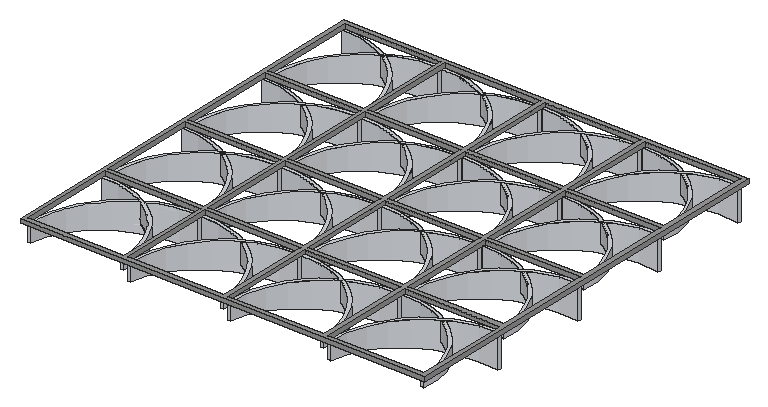
Revit family "Notched Grid 002", category Modelos genéricos, Revit 2020
Family settings
  Puede alojar armadura = No
  Cota de conector redondo = Diámetro de uso
  Tipo de pieza = Normal
  Se basa en plano de trabajo = No
  Siempre vertical = Sí
  Corte con vacíos al cargar = No
  Compartido = No
  Punto de cálculo de habitación = No
Parameters
  URL = "https://www.csiposhfelt.com/products/notched-grid-002"
  Modelo = "Notch Grid 002"
  Fabricante = "CSI PoshFelt"
  Elevación por defecto = 0' - 0"
  Core Material = PSH175
Reference planes (in)
  plane 1 "Center (Front/Back)": y = 0
  plane 2: z = 0
  plane 3 "Center (Left/Right)": x = 0
Forms (in)
  Extrusion 1, solid, material "Frame"
    sketch origin (0, 0, 0) x (1, 0, 0) y (0, 1, 0)
      loop
        line (-48, -48) -> (48, -48) -> (48, 48) -> (-48, 48) -> (-48, -48)
      loop
        line (-47, -47) -> (-24.25, -47) -> (-24.25, -24.25) -> (-47, -24.25) -> (-47, -47)
      loop
        line (-47, 47) -> (-47, 24.25) -> (-24.25, 24.25) -> (-24.25, 47) -> (-47, 47)
      loop
        line (47, 47) -> (24.25, 47) -> (24.25, 24.25) -> (47, 24.25) -> (47, 47)
      loop
        line (47, -47) -> (47, -24.25) -> (24.25, -24.25) -> (24.25, -47) -> (47, -47)
      loop
        line (-23.25, 47) -> (-23.25, 24.25) -> (-0.5, 24.25) -> (-0.5, 47) -> (-23.25, 47)
      loop
        line (0.5, 47) -> (0.5, 24.25) -> (23.25, 24.25) -> (23.25, 47) -> (0.5, 47)
      loop
        line (-0.5, -47) -> (-0.5, -24.25) -> (-23.25, -24.25) -> (-23.25, -47) -> (-0.5, -47)
      loop
        line (23.25, -47) -> (23.25, -24.25) -> (0.5, -24.25) -> (0.5, -47) -> (23.25, -47)
      loop
        line (47, 23.25) -> (24.25, 23.25) -> (24.25, 0.5) -> (47, 0.5) -> (47, 23.25)
      loop
        line (-47, 0.5) -> (-24.25, 0.5) -> (-24.25, 23.25) -> (-47, 23.25) -> (-47, 0.5)
      loop
        line (47, -0.5) -> (24.25, -0.5) -> (24.25, -23.25) -> (47, -23.25) -> (47, -0.5)
      loop
        line (-47, -23.25) -> (-24.25, -23.25) -> (-24.25, -0.5) -> (-47, -0.5) -> (-47, -23.25)
      loop
        line (23.25, 23.25) -> (0.5, 23.25) -> (0.5, 0.5) -> (23.25, 0.5) -> (23.25, 23.25)
      loop
        line (-0.5, 23.25) -> (-23.25, 23.25) -> (-23.25, 0.5) -> (-0.5, 0.5) -> (-0.5, 23.25)
      loop
        line (-23.25, -0.5) -> (-23.25, -23.25) -> (-0.5, -23.25) -> (-0.5, -0.5) -> (-23.25, -0.5)
      loop
        line (0.5, -0.5) -> (0.5, -23.25) -> (23.25, -23.25) -> (23.25, -0.5) -> (0.5, -0.5)
    from 0 to 1
  SweptBlend 2, solid
    path in 3D
      loop
        arc (-24.25, -24.25495, 0) -> (-40.50513, -30.74628, 0) -> (-47, -47, 0) r 22.19311
    profile origin (-24.25, -24.25495, 0) x (-0.02541, -0.999677, 0) y (0, 0, 1)
      loop
        line (0, 0) -> (0, -8) -> (0.75, -8) -> (0.75, 0) -> (0, 0)
    end profile origin (-47, -47, 0) x (0.999683, 0.025193, 0) y (0, 0, 1)
      loop
        line (0, 0) -> (0, -4) -> (0.75, -4) -> (0.75, 0) -> (0, 0)
  SweptBlend 3, solid
    path in 3D
      loop
        arc (-47, -24.25495, 0) -> (-30.74487, -30.74628, 0) -> (-24.25, -47, 0) r 22.19311
    profile origin (-47, -24.25495, 0) x (-0.02541, 0.999677, 0) y (0, 0, 1)
      loop
        line (0, 0) -> (-0.75, 0) -> (-0.75, -6) -> (0, -6) -> (0, 0)
    end profile origin (-24.25, -47, 0) x (0.999683, -0.025193, 0) y (0, 0, 1)
      loop
        line (0, 0) -> (-0.75, 0) -> (-0.75, -2) -> (0, -2) -> (0, 0)
  SweptBlend 4, solid
    path in 3D
      loop
        arc (-24.25, -0.50495, 0) -> (-40.50513, -6.99628, 0) -> (-47, -23.25, 0) r 22.19311
    profile origin (-24.25, -0.50495, 0) x (-0.02541, -0.999677, 0) y (0, 0, 1)
      loop
        line (0, 0) -> (0, -8) -> (0.75, -8) -> (0.75, 0) -> (0, 0)
    end profile origin (-47, -23.25, 0) x (0.999683, 0.025193, 0) y (0, 0, 1)
      loop
        line (0, 0) -> (0, -4) -> (0.75, -4) -> (0.75, 0) -> (0, 0)
  SweptBlend 5, solid
    path in 3D
      loop
        arc (-47, -0.50495, 0) -> (-30.74487, -6.99628, 0) -> (-24.25, -23.25, 0) r 22.19311
    profile origin (-47, -0.50495, 0) x (-0.02541, 0.999677, 0) y (0, 0, 1)
      loop
        line (0, 0) -> (-0.75, 0) -> (-0.75, -6) -> (0, -6) -> (0, 0)
    end profile origin (-24.25, -23.25, 0) x (0.999683, -0.025193, 0) y (0, 0, 1)
      loop
        line (0, 0) -> (-0.75, 0) -> (-0.75, -2) -> (0, -2) -> (0, 0)
  SweptBlend 6, solid
    path in 3D
      loop
        arc (-24.25, 23.24505, 0) -> (-40.50513, 16.75372, 0) -> (-47, 0.5, 0) r 22.19311
    profile origin (-24.25, 23.24505, 0) x (-0.02541, -0.999677, 0) y (0, 0, 1)
      loop
        line (0, 0) -> (0, -8) -> (0.75, -8) -> (0.75, 0) -> (0, 0)
    end profile origin (-47, 0.5, 0) x (0.999683, 0.025193, 0) y (0, 0, 1)
      loop
        line (0, 0) -> (0, -4) -> (0.75, -4) -> (0.75, 0) -> (0, 0)
  SweptBlend 7, solid
    path in 3D
      loop
        arc (-47, 23.24505, 0) -> (-30.74487, 16.75372, 0) -> (-24.25, 0.5, 0) r 22.19311
    profile origin (-47, 23.24505, 0) x (-0.02541, 0.999677, 0) y (0, 0, 1)
      loop
        line (0, 0) -> (-0.75, 0) -> (-0.75, -6) -> (0, -6) -> (0, 0)
    end profile origin (-24.25, 0.5, 0) x (0.999683, -0.025193, 0) y (0, 0, 1)
      loop
        line (0, 0) -> (-0.75, 0) -> (-0.75, -2) -> (0, -2) -> (0, 0)
  SweptBlend 8, solid
    path in 3D
      loop
        arc (-24.25, 46.99505, 0) -> (-40.50513, 40.50372, 0) -> (-47, 24.25, 0) r 22.19311
    profile origin (-24.25, 46.99505, 0) x (-0.02541, -0.999677, 0) y (0, 0, 1)
      loop
        line (0, 0) -> (0, -8) -> (0.75, -8) -> (0.75, 0) -> (0, 0)
    end profile origin (-47, 24.25, 0) x (0.999683, 0.025193, 0) y (0, 0, 1)
      loop
        line (0, 0) -> (0, -4) -> (0.75, -4) -> (0.75, 0) -> (0, 0)
  SweptBlend 9, solid
    path in 3D
      loop
        arc (-47, 46.99505, 0) -> (-30.74487, 40.50372, 0) -> (-24.25, 24.25, 0) r 22.19311
    profile origin (-47, 46.99505, 0) x (-0.02541, 0.999677, 0) y (0, 0, 1)
      loop
        line (0, 0) -> (-0.75, 0) -> (-0.75, -6) -> (0, -6) -> (0, 0)
    end profile origin (-24.25, 24.25, 0) x (0.999683, -0.025193, 0) y (0, 0, 1)
      loop
        line (0, 0) -> (-0.75, 0) -> (-0.75, -2) -> (0, -2) -> (0, 0)
  SweptBlend 10, solid
    path in 3D
      loop
        arc (-0.5, -24.25495, 0) -> (-16.75513, -30.74628, 0) -> (-23.25, -47, 0) r 22.19311
    profile origin (-0.5, -24.25495, 0) x (-0.02541, -0.999677, 0) y (0, 0, 1)
      loop
        line (0, 0) -> (0, -8) -> (0.75, -8) -> (0.75, 0) -> (0, 0)
    end profile origin (-23.25, -47, 0) x (0.999683, 0.025193, 0) y (0, 0, 1)
      loop
        line (0, 0) -> (0, -4) -> (0.75, -4) -> (0.75, 0) -> (0, 0)
  SweptBlend 11, solid
    path in 3D
      loop
        arc (-23.25, -24.25495, 0) -> (-6.99487, -30.74628, 0) -> (-0.5, -47, 0) r 22.19311
    profile origin (-23.25, -24.25495, 0) x (-0.02541, 0.999677, 0) y (0, 0, 1)
      loop
        line (0, 0) -> (-0.75, 0) -> (-0.75, -6) -> (0, -6) -> (0, 0)
    end profile origin (-0.5, -47, 0) x (0.999683, -0.025193, 0) y (0, 0, 1)
      loop
        line (0, 0) -> (-0.75, 0) -> (-0.75, -2) -> (0, -2) -> (0, 0)
  SweptBlend 12, solid
    path in 3D
      loop
        arc (-0.5, -0.50495, 0) -> (-16.75513, -6.99628, 0) -> (-23.25, -23.25, 0) r 22.19311
    profile origin (-0.5, -0.50495, 0) x (-0.02541, -0.999677, 0) y (0, 0, 1)
      loop
        line (0, 0) -> (0, -8) -> (0.75, -8) -> (0.75, 0) -> (0, 0)
    end profile origin (-23.25, -23.25, 0) x (0.999683, 0.025193, 0) y (0, 0, 1)
      loop
        line (0, 0) -> (0, -4) -> (0.75, -4) -> (0.75, 0) -> (0, 0)
  SweptBlend 13, solid
    path in 3D
      loop
        arc (-23.25, -0.50495, 0) -> (-6.99487, -6.99628, 0) -> (-0.5, -23.25, 0) r 22.19311
    profile origin (-23.25, -0.50495, 0) x (-0.02541, 0.999677, 0) y (0, 0, 1)
      loop
        line (0, 0) -> (-0.75, 0) -> (-0.75, -6) -> (0, -6) -> (0, 0)
    end profile origin (-0.5, -23.25, 0) x (0.999683, -0.025193, 0) y (0, 0, 1)
      loop
        line (0, 0) -> (-0.75, 0) -> (-0.75, -2) -> (0, -2) -> (0, 0)
  SweptBlend 14, solid
    path in 3D
      loop
        arc (-0.5, 23.24505, 0) -> (-16.75513, 16.75372, 0) -> (-23.25, 0.5, 0) r 22.19311
    profile origin (-0.5, 23.24505, 0) x (-0.02541, -0.999677, 0) y (0, 0, 1)
      loop
        line (0, 0) -> (0, -8) -> (0.75, -8) -> (0.75, 0) -> (0, 0)
    end profile origin (-23.25, 0.5, 0) x (0.999683, 0.025193, 0) y (0, 0, 1)
      loop
        line (0, 0) -> (0, -4) -> (0.75, -4) -> (0.75, 0) -> (0, 0)
  SweptBlend 15, solid
    path in 3D
      loop
        arc (-23.25, 23.24505, 0) -> (-6.99487, 16.75372, 0) -> (-0.5, 0.5, 0) r 22.19311
    profile origin (-23.25, 23.24505, 0) x (-0.02541, 0.999677, 0) y (0, 0, 1)
      loop
        line (0, 0) -> (-0.75, 0) -> (-0.75, -6) -> (0, -6) -> (0, 0)
    end profile origin (-0.5, 0.5, 0) x (0.999683, -0.025193, 0) y (0, 0, 1)
      loop
        line (0, 0) -> (-0.75, 0) -> (-0.75, -2) -> (0, -2) -> (0, 0)
  SweptBlend 16, solid
    path in 3D
      loop
        arc (-0.5, 46.99505, 0) -> (-16.75513, 40.50372, 0) -> (-23.25, 24.25, 0) r 22.19311
    profile origin (-0.5, 46.99505, 0) x (-0.02541, -0.999677, 0) y (0, 0, 1)
      loop
        line (0, 0) -> (0, -8) -> (0.75, -8) -> (0.75, 0) -> (0, 0)
    end profile origin (-23.25, 24.25, 0) x (0.999683, 0.025193, 0) y (0, 0, 1)
      loop
        line (0, 0) -> (0, -4) -> (0.75, -4) -> (0.75, 0) -> (0, 0)
  SweptBlend 17, solid
    path in 3D
      loop
        arc (-23.25, 46.99505, 0) -> (-6.99487, 40.50372, 0) -> (-0.5, 24.25, 0) r 22.19311
    profile origin (-23.25, 46.99505, 0) x (-0.02541, 0.999677, 0) y (0, 0, 1)
      loop
        line (0, 0) -> (-0.75, 0) -> (-0.75, -6) -> (0, -6) -> (0, 0)
    end profile origin (-0.5, 24.25, 0) x (0.999683, -0.025193, 0) y (0, 0, 1)
      loop
        line (0, 0) -> (-0.75, 0) -> (-0.75, -2) -> (0, -2) -> (0, 0)
  SweptBlend 18, solid
    path in 3D
      loop
        arc (23.25, -24.25495, 0) -> (6.99487, -30.74628, 0) -> (0.5, -47, 0) r 22.19311
    profile origin (23.25, -24.25495, 0) x (-0.02541, -0.999677, 0) y (0, 0, 1)
      loop
        line (0, 0) -> (0, -8) -> (0.75, -8) -> (0.75, 0) -> (0, 0)
    end profile origin (0.5, -47, 0) x (0.999683, 0.025193, 0) y (0, 0, 1)
      loop
        line (0, 0) -> (0, -4) -> (0.75, -4) -> (0.75, 0) -> (0, 0)
  SweptBlend 19, solid
    path in 3D
      loop
        arc (0.5, -24.25495, 0) -> (16.75513, -30.74628, 0) -> (23.25, -47, 0) r 22.19311
    profile origin (0.5, -24.25495, 0) x (-0.02541, 0.999677, 0) y (0, 0, 1)
      loop
        line (0, 0) -> (-0.75, 0) -> (-0.75, -6) -> (0, -6) -> (0, 0)
    end profile origin (23.25, -47, 0) x (0.999683, -0.025193, 0) y (0, 0, 1)
      loop
        line (0, 0) -> (-0.75, 0) -> (-0.75, -2) -> (0, -2) -> (0, 0)
  SweptBlend 20, solid
    path in 3D
      loop
        arc (23.25, -0.50495, 0) -> (6.99487, -6.99628, 0) -> (0.5, -23.25, 0) r 22.19311
    profile origin (23.25, -0.50495, 0) x (-0.02541, -0.999677, 0) y (0, 0, 1)
      loop
        line (0, 0) -> (0, -8) -> (0.75, -8) -> (0.75, 0) -> (0, 0)
    end profile origin (0.5, -23.25, 0) x (0.999683, 0.025193, 0) y (0, 0, 1)
      loop
        line (0, 0) -> (0, -4) -> (0.75, -4) -> (0.75, 0) -> (0, 0)
  SweptBlend 21, solid
    path in 3D
      loop
        arc (0.5, -0.50495, 0) -> (16.75513, -6.99628, 0) -> (23.25, -23.25, 0) r 22.19311
    profile origin (0.5, -0.50495, 0) x (-0.02541, 0.999677, 0) y (0, 0, 1)
      loop
        line (0, 0) -> (-0.75, 0) -> (-0.75, -6) -> (0, -6) -> (0, 0)
    end profile origin (23.25, -23.25, 0) x (0.999683, -0.025193, 0) y (0, 0, 1)
      loop
        line (0, 0) -> (-0.75, 0) -> (-0.75, -2) -> (0, -2) -> (0, 0)
  SweptBlend 22, solid
    path in 3D
      loop
        arc (23.25, 23.24505, 0) -> (6.99487, 16.75372, 0) -> (0.5, 0.5, 0) r 22.19311
    profile origin (23.25, 23.24505, 0) x (-0.02541, -0.999677, 0) y (0, 0, 1)
      loop
        line (0, 0) -> (0, -8) -> (0.75, -8) -> (0.75, 0) -> (0, 0)
    end profile origin (0.5, 0.5, 0) x (0.999683, 0.025193, 0) y (0, 0, 1)
      loop
        line (0, 0) -> (0, -4) -> (0.75, -4) -> (0.75, 0) -> (0, 0)
  SweptBlend 23, solid
    path in 3D
      loop
        arc (0.5, 23.24505, 0) -> (16.75513, 16.75372, 0) -> (23.25, 0.5, 0) r 22.19311
    profile origin (0.5, 23.24505, 0) x (-0.02541, 0.999677, 0) y (0, 0, 1)
      loop
        line (0, 0) -> (-0.75, 0) -> (-0.75, -6) -> (0, -6) -> (0, 0)
    end profile origin (23.25, 0.5, 0) x (0.999683, -0.025193, 0) y (0, 0, 1)
      loop
        line (0, 0) -> (-0.75, 0) -> (-0.75, -2) -> (0, -2) -> (0, 0)
  SweptBlend 24, solid
    path in 3D
      loop
        arc (23.25, 46.99505, 0) -> (6.99487, 40.50372, 0) -> (0.5, 24.25, 0) r 22.19311
    profile origin (23.25, 46.99505, 0) x (-0.02541, -0.999677, 0) y (0, 0, 1)
      loop
        line (0, 0) -> (0, -8) -> (0.75, -8) -> (0.75, 0) -> (0, 0)
    end profile origin (0.5, 24.25, 0) x (0.999683, 0.025193, 0) y (0, 0, 1)
      loop
        line (0, 0) -> (0, -4) -> (0.75, -4) -> (0.75, 0) -> (0, 0)
  SweptBlend 25, solid
    path in 3D
      loop
        arc (0.5, 46.99505, 0) -> (16.75513, 40.50372, 0) -> (23.25, 24.25, 0) r 22.19311
    profile origin (0.5, 46.99505, 0) x (-0.02541, 0.999677, 0) y (0, 0, 1)
      loop
        line (0, 0) -> (-0.75, 0) -> (-0.75, -6) -> (0, -6) -> (0, 0)
    end profile origin (23.25, 24.25, 0) x (0.999683, -0.025193, 0) y (0, 0, 1)
      loop
        line (0, 0) -> (-0.75, 0) -> (-0.75, -2) -> (0, -2) -> (0, 0)
  SweptBlend 26, solid
    path in 3D
      loop
        arc (47, -24.25495, 0) -> (30.74487, -30.74628, 0) -> (24.25, -47, 0) r 22.19311
    profile origin (47, -24.25495, 0) x (-0.02541, -0.999677, 0) y (0, 0, 1)
      loop
        line (0, 0) -> (0, -8) -> (0.75, -8) -> (0.75, 0) -> (0, 0)
    end profile origin (24.25, -47, 0) x (0.999683, 0.025193, 0) y (0, 0, 1)
      loop
        line (0, 0) -> (0, -4) -> (0.75, -4) -> (0.75, 0) -> (0, 0)
  SweptBlend 27, solid
    path in 3D
      loop
        arc (24.25, -24.25495, 0) -> (40.50513, -30.74628, 0) -> (47, -47, 0) r 22.19311
    profile origin (24.25, -24.25495, 0) x (-0.02541, 0.999677, 0) y (0, 0, 1)
      loop
        line (0, 0) -> (-0.75, 0) -> (-0.75, -6) -> (0, -6) -> (0, 0)
    end profile origin (47, -47, 0) x (0.999683, -0.025193, 0) y (0, 0, 1)
      loop
        line (0, 0) -> (-0.75, 0) -> (-0.75, -2) -> (0, -2) -> (0, 0)
  SweptBlend 28, solid
    path in 3D
      loop
        arc (47, -0.50495, 0) -> (30.74487, -6.99628, 0) -> (24.25, -23.25, 0) r 22.19311
    profile origin (47, -0.50495, 0) x (-0.02541, -0.999677, 0) y (0, 0, 1)
      loop
        line (0, 0) -> (0, -8) -> (0.75, -8) -> (0.75, 0) -> (0, 0)
    end profile origin (24.25, -23.25, 0) x (0.999683, 0.025193, 0) y (0, 0, 1)
      loop
        line (0, 0) -> (0, -4) -> (0.75, -4) -> (0.75, 0) -> (0, 0)
  SweptBlend 29, solid
    path in 3D
      loop
        arc (24.25, -0.50495, 0) -> (40.50513, -6.99628, 0) -> (47, -23.25, 0) r 22.19311
    profile origin (24.25, -0.50495, 0) x (-0.02541, 0.999677, 0) y (0, 0, 1)
      loop
        line (0, 0) -> (-0.75, 0) -> (-0.75, -6) -> (0, -6) -> (0, 0)
    end profile origin (47, -23.25, 0) x (0.999683, -0.025193, 0) y (0, 0, 1)
      loop
        line (0, 0) -> (-0.75, 0) -> (-0.75, -2) -> (0, -2) -> (0, 0)
  SweptBlend 30, solid
    path in 3D
      loop
        arc (47, 23.24505, 0) -> (30.74487, 16.75372, 0) -> (24.25, 0.5, 0) r 22.19311
    profile origin (47, 23.24505, 0) x (-0.02541, -0.999677, 0) y (0, 0, 1)
      loop
        line (0, 0) -> (0, -8) -> (0.75, -8) -> (0.75, 0) -> (0, 0)
    end profile origin (24.25, 0.5, 0) x (0.999683, 0.025193, 0) y (0, 0, 1)
      loop
        line (0, 0) -> (0, -4) -> (0.75, -4) -> (0.75, 0) -> (0, 0)
  SweptBlend 31, solid
    path in 3D
      loop
        arc (24.25, 23.24505, 0) -> (40.50513, 16.75372, 0) -> (47, 0.5, 0) r 22.19311
    profile origin (24.25, 23.24505, 0) x (-0.02541, 0.999677, 0) y (0, 0, 1)
      loop
        line (0, 0) -> (-0.75, 0) -> (-0.75, -6) -> (0, -6) -> (0, 0)
    end profile origin (47, 0.5, 0) x (0.999683, -0.025193, 0) y (0, 0, 1)
      loop
        line (0, 0) -> (-0.75, 0) -> (-0.75, -2) -> (0, -2) -> (0, 0)
  SweptBlend 32, solid
    path in 3D
      loop
        arc (47, 46.99505, 0) -> (30.74487, 40.50372, 0) -> (24.25, 24.25, 0) r 22.19311
    profile origin (47, 46.99505, 0) x (-0.02541, -0.999677, 0) y (0, 0, 1)
      loop
        line (0, 0) -> (0, -8) -> (0.75, -8) -> (0.75, 0) -> (0, 0)
    end profile origin (24.25, 24.25, 0) x (0.999683, 0.025193, 0) y (0, 0, 1)
      loop
        line (0, 0) -> (0, -4) -> (0.75, -4) -> (0.75, 0) -> (0, 0)
  SweptBlend 33, solid
    path in 3D
      loop
        arc (24.25, 46.99505, 0) -> (40.50513, 40.50372, 0) -> (47, 24.25, 0) r 22.19311
    profile origin (24.25, 46.99505, 0) x (-0.02541, 0.999677, 0) y (0, 0, 1)
      loop
        line (0, 0) -> (-0.75, 0) -> (-0.75, -6) -> (0, -6) -> (0, 0)
    end profile origin (47, 24.25, 0) x (0.999683, -0.025193, 0) y (0, 0, 1)
      loop
        line (0, 0) -> (-0.75, 0) -> (-0.75, -2) -> (0, -2) -> (0, 0)
Cuts and joins
  joined: SweptBlend 2, SweptBlend 3
Lines and regions (in)
  reference lines
    curve 1: line (-48, 48, 0) -> (48, 48, 0)
    curve 2: line (48, 48, 0) -> (48, -48, 0)
    curve 3: line (48, -48, 0) -> (-48, -48, 0)
    curve 4: line (-48, -48, 0) -> (-48, 48, 0)
    curve 5: line (-48, 24, 0) -> (48, 24, 0)
    curve 6: line (-48, 48, 0) -> (48, 48, 0)
    curve 7: line (-48, 0, 0) -> (48, 0, 0)
    curve 8: line (-48, -24, 0) -> (48, -24, 0)
    curve 9: line (24, 48, 0) -> (24, -48, 0)
    curve 10: line (0, 48, 0) -> (0, -48, 0)
    curve 11: line (-24, 48, 0) -> (-24, -48, 0)
  model lines
    curve 12: arc (-24.25, -24.25495, 0) -> (-40.50513, -30.74628, 0) -> (-47, -47, 0) r 22.19311
    curve 14: arc (-47, -24.25495, 0) -> (-30.74487, -30.74628, 0) -> (-24.25, -47, 0) r 22.19311
  sketch lines
    curve 13: arc (-24.25, -24.25495, 0) -> (-40.50513, -30.74628, 0) -> (-47, -47, 0) r 22.19311
    curve 15: arc (-47, -24.25495, 0) -> (-30.74487, -30.74628, 0) -> (-24.25, -47, 0) r 22.19311
    curve 16: arc (-24.25, -0.50495, 0) -> (-40.50513, -6.99628, 0) -> (-47, -23.25, 0) r 22.19311
    curve 17: arc (-47, -0.50495, 0) -> (-30.74487, -6.99628, 0) -> (-24.25, -23.25, 0) r 22.19311
    curve 18: arc (-24.25, 23.24505, 0) -> (-40.50513, 16.75372, 0) -> (-47, 0.5, 0) r 22.19311
    curve 19: arc (-47, 23.24505, 0) -> (-30.74487, 16.75372, 0) -> (-24.25, 0.5, 0) r 22.19311
    curve 20: arc (-24.25, 46.99505, 0) -> (-40.50513, 40.50372, 0) -> (-47, 24.25, 0) r 22.19311
    curve 21: arc (-47, 46.99505, 0) -> (-30.74487, 40.50372, 0) -> (-24.25, 24.25, 0) r 22.19311
    curve 22: arc (-0.5, -24.25495, 0) -> (-16.75513, -30.74628, 0) -> (-23.25, -47, 0) r 22.19311
    curve 23: arc (-23.25, -24.25495, 0) -> (-6.99487, -30.74628, 0) -> (-0.5, -47, 0) r 22.19311
    curve 24: arc (-0.5, -0.50495, 0) -> (-16.75513, -6.99628, 0) -> (-23.25, -23.25, 0) r 22.19311
    curve 25: arc (-23.25, -0.50495, 0) -> (-6.99487, -6.99628, 0) -> (-0.5, -23.25, 0) r 22.19311
    curve 26: arc (-0.5, 23.24505, 0) -> (-16.75513, 16.75372, 0) -> (-23.25, 0.5, 0) r 22.19311
    curve 27: arc (-23.25, 23.24505, 0) -> (-6.99487, 16.75372, 0) -> (-0.5, 0.5, 0) r 22.19311
    curve 28: arc (-0.5, 46.99505, 0) -> (-16.75513, 40.50372, 0) -> (-23.25, 24.25, 0) r 22.19311
    curve 29: arc (-23.25, 46.99505, 0) -> (-6.99487, 40.50372, 0) -> (-0.5, 24.25, 0) r 22.19311
    curve 30: arc (23.25, -24.25495, 0) -> (6.99487, -30.74628, 0) -> (0.5, -47, 0) r 22.19311
    curve 31: arc (0.5, -24.25495, 0) -> (16.75513, -30.74628, 0) -> (23.25, -47, 0) r 22.19311
    curve 32: arc (23.25, -0.50495, 0) -> (6.99487, -6.99628, 0) -> (0.5, -23.25, 0) r 22.19311
    curve 33: arc (0.5, -0.50495, 0) -> (16.75513, -6.99628, 0) -> (23.25, -23.25, 0) r 22.19311
    curve 34: arc (23.25, 23.24505, 0) -> (6.99487, 16.75372, 0) -> (0.5, 0.5, 0) r 22.19311
    curve 35: arc (0.5, 23.24505, 0) -> (16.75513, 16.75372, 0) -> (23.25, 0.5, 0) r 22.19311
    curve 36: arc (23.25, 46.99505, 0) -> (6.99487, 40.50372, 0) -> (0.5, 24.25, 0) r 22.19311
    curve 37: arc (0.5, 46.99505, 0) -> (16.75513, 40.50372, 0) -> (23.25, 24.25, 0) r 22.19311
    curve 38: arc (47, -24.25495, 0) -> (30.74487, -30.74628, 0) -> (24.25, -47, 0) r 22.19311
    curve 39: arc (24.25, -24.25495, 0) -> (40.50513, -30.74628, 0) -> (47, -47, 0) r 22.19311
    curve 40: arc (47, -0.50495, 0) -> (30.74487, -6.99628, 0) -> (24.25, -23.25, 0) r 22.19311
    curve 41: arc (24.25, -0.50495, 0) -> (40.50513, -6.99628, 0) -> (47, -23.25, 0) r 22.19311
    curve 42: arc (47, 23.24505, 0) -> (30.74487, 16.75372, 0) -> (24.25, 0.5, 0) r 22.19311
    curve 43: arc (24.25, 23.24505, 0) -> (40.50513, 16.75372, 0) -> (47, 0.5, 0) r 22.19311
    curve 44: arc (47, 46.99505, 0) -> (30.74487, 40.50372, 0) -> (24.25, 24.25, 0) r 22.19311
    curve 45: arc (24.25, 46.99505, 0) -> (40.50513, 40.50372, 0) -> (47, 24.25, 0) r 22.19311
Dimensions and locks (in)
  aligned and locked: plane 2 to level
